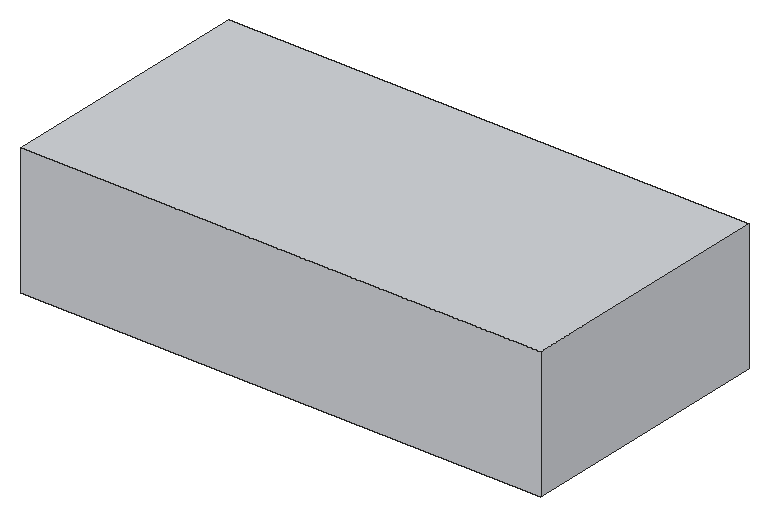
Revit family "SPYファミリ", category 一般モデル, Revit 2024
Family settings
  鉄筋をホスト可能 = いいえ
  丸型コネクタ寸法 = 直径を使用
  パーツ タイプ = 標準
  作業面ベース = いいえ
  常に垂直 = はい
  ロード時にボイドで切り取り = いいえ
  注釈の向きを維持 = いいえ
  共有 = いいえ
  部屋計算ポイント = いいえ
Parameters
  既定の高さ = 0 mm
Reference planes
  plane 1 "Center (Front/Back)": y = 0
  plane 2: z = 0
  plane 3 "Center (Left/Right)": x = 0
Forms (mm)
  Blend 1, solid
    base sketch origin (0, 0, 0) x (1, 0, 0) y (0, 1, 0)
      loop
        line (0, 3048) -> (0, 0) -> (6096, 0) -> (6096, 3048) -> (0, 3048)
    top sketch origin (0, 0, 0) x (1, 0, 0) y (0, 1, 0)
      loop
        line (0, 3048) -> (0, 0) -> (6096, 0) -> (6096, 3048) -> (0, 3048)
    from 0 to 1524
Dimensions and locks
  aligned and locked: level to plane 2
